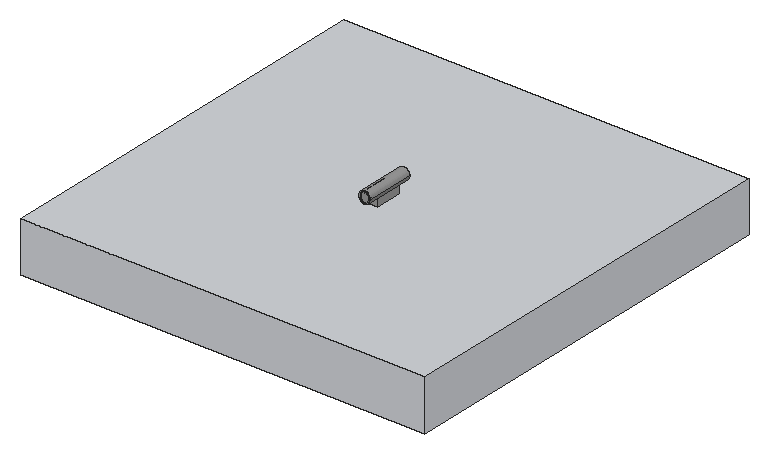
Revit family "LAMP_LUP WALL 70 DIRECT", category Luminarias, Revit 2018 (continued)
Types (2, lengths in mm): name | built-in parameter 1150107 | Product datasheet | Product code | built-in parameter 1150142 | built-in parameter 1150105 | built-in parameter 1150106 | Lumens | built-in parameter 1150104 | Efficacy | Archivo de red fotométrica
    0 15.63 \r\n12.99 10.93 9.39 8.41 7.45 6.49 5.53 4.70 4.03 3.46 2.95 \r\n2.49 2.13 1.82 1.53 1.26 0.94 0.58 0.32 0.17 0.00 0.00 \r\n0.00 0.00 0.00 0.00 0.00 0.00 0.00 0.00 0.00 0.00 0.00 \r\n0.00 0.00 0.00 0.00 0.00 0.00 0.00 0.00 0.00 0.00 0.00 \r\n0.00 0.00 0.00 0.00 0.00 0.00 0.00 0.00 0.00 0.00 0.00 \r\n0.00 0.00 0.00 0.00 0.00 0.00 0.00 0.00 0.00 0.00 0.00 \r\n455.10 414.94 378.75 342.63 307.46 274.89 245.84 218.98 \r\n194.78 173.49 154.02 136.20 120.00 106.12 93.46 81.88 \r\n69.36 57.87 47.58 39.34 32.85 27.97 23.07 18.84 15.28 \r\n12.77 10.76 9.28 8.30 7.34 6.38 5.43 4.63 3.98 3.42 2.92 \r\n2.46 2.11 1.82 1.56 1.28 0.95 0.59 0.32 0.17 0.00 0.00 \r\n0.00 0.00 0.00 0.00 0.00 0.00 0.00 0.00 0.00 0.00 0.00 \r\n0.00 0.00 0.00 0.00 0.00 0.00 0.00 0.00 0.00 0.00 0.00 \r\n0.00 0.00 0.00 0.00 0.00 0.00 0.00 0.00 0.00 0.00 0.00 \r\n0.00 0.00 0.00 0.00 0.00 0.00 0.00 0.00 0.00 0.00 0.00 \r\n455.10 411.86 372.96 334.86 297.56 263.30 232.58 204.60 \r\n179.43 157.30 137.51 119.93 104.39 92.20 81.48 71.92 \r\n61.81 52.47 44.18 37.26 31.58 27.05 22.40 18.37 15.00 \r\n12.54 10.60 9.14 8.19 7.24 6.27 5.34 4.56 3.92 3.38 2.88 \r\n2.44 2.10 1.82 1.57 1.30 0.96 0.60 0.32 0.16 0.00 0.00 \r\n0.00 0.00 0.00 0.00 0.00 0.00 0.00 0.00 0.00 0.00 0.00 \r\n0.00 0.00 0.00 0.00 0.00 0.00 0.00 0.00 0.00 0.00 0.00 \r\n0.00 0.00 0.00 0.00 0.00 0.00 0.00 0.00 0.00 0.00 0.00 \r\n0.00 0.00 0.00 0.00 0.00 0.00 0.00 0.00 0.00 0.00 0.00 \r\n455.10 408.83 367.33 327.16 287.82 251.83 219.38 190.15 \r\n164.08 141.12 121.05 103.41 88.66 78.20 69.45 61.78 54.09 \r\n47.09 40.77 35.15 30.30 26.14 21.73 17.90 14.71 12.32 \r\n10.43 9.00 8.08 7.13 6.15 5.24 4.49 3.88 3.34 2.84 2.41 \r\n2.09 1.83 1.59 1.31 0.97 0.60 0.32 0.16 0.00 0.00 0.00 \r\n0.00 0.00 0.00 0.00 0.00 0.00 0.00 0.00 0.00 0.00 0.00 \r\n0.00 0.00 0.00 0.00 0.00 0.00 0.00 0.00 0.00 0.00 0.00 \r\n0.00 0.00 0.00 0.00 0.00 0.00 0.00 0.00 0.00 0.00 0.00 \r\n0.00 0.00 0.00 0.00 0.00 0.00 0.00 0.00 0.00 0.00 \r\n455.10 405.84 362.02 319.55 278.26 240.51 206.54 176.46 \r\n149.42 125.26 104.52 86.85 72.52 64.39 57.56 51.83 46.54 \r\n41.69 37.32 33.06 29.03 25.22 21.06 17.43 14.41 12.09 \r\n10.26 8.90 7.97 7.03 6.04 5.15 4.41 3.82 3.29 2.81 2.38 \r\n2.08 1.83 1.61 1.33 0.99 0.60 0.32 0.17 0.00 0.00 0.00 \r\n0.00 0.00 0.00 0.00 0.00 0.00 0.00 0.00 0.00 0.00 0.00 \r\n0.00 0.00 0.00 0.00 0.00 0.00 0.00 0.00 0.00 0.00 0.00 \r\n0.00 0.00 0.00 0.00 0.00 0.00 0.00 0.00 0.00 0.00 0.00 \r\n0.00 0.00 0.00 0.00 0.00 0.00 0.00 0.00 0.00 0.00 \r\n455.10 402.91 356.79 312.43 268.95 229.36 194.20 163.44 \r\n135.89 111.90 91.67 74.60 60.81 53.34 47.70 43.15 39.85 \r\n37.10 34.34 31.05 27.86 24.33 20.44 16.99 14.12 11.88 \r\n10.10 8.77 7.85 6.92 5.93 5.06 4.34 3.77 3.25 2.77 2.36 \r\n2.07 1.84 1.63 1.35 0.99 0.60 0.32 0.17 0.00 0.00 0.00 \r\n0.00 0.00 0.00 0.00 0.00 0.00 0.00 0.00 0.00 0.00 0.00 \r\n0.00 0.00 0.00 0.00 0.00 0.00 0.00 0.00 0.00 0.00 0.00 \r\n0.00 0.00 0.00 0.00 0.00 0.00 0.00 0.00 0.00 0.00 0.00 \r\n0.00 0.00 0.00 0.00 0.00 0.00 0.00 0.00 0.00 0.00 \r\n455.10 399.99 351.66 305.58 260.38 219.38 183.23 151.71 \r\n124.01 101.00 82.60 67.24 55.54 49.55 45.02 41.24 38.31 \r\n35.64 33.17 30.29 27.19 23.86 20.08 16.76 13.97 11.75 \r\n9.96 8.61 7.71 6.80 5.85 5.00 4.29 3.73 3.20 2.74 2.35 \r\n2.08 1.86 1.65 1.36 1.00 0.60 0.32 0.17 0.00 0.00 0.00 \r\n0.00 0.00 0.00 0.00 0.00 0.00 0.00 0.00 0.00 0.00 0.00 \r\n0.00 0.00 0.00 0.00 0.00 0.00 0.00 0.00 0.00 0.00 0.00 \r\n0.00 0.00 0.00 0.00 0.00 0.00 0.00 0.00 0.00 0.00 0.00 \r\n0.00 0.00 0.00 0.00 0.00 0.00 0.00 0.00 0.00 0.00 \r\n455.10 397.12 346.62 298.80 252.00 210.03 173.46 141.66 \r\n114.88 93.45 77.09 63.97 53.46 48.57 44.38 40.74 37.74 \r\n35.01 32.46 29.63 26.61 23.41 19.77 16.55 13.84 11.64 \r\n9.84 8.46 7.56 6.67 5.76 4.94 4.25 3.67 3.16 2.72 2.34 \r\n2.10 1.87 1.66 1.37 1.01 0.60 0.32 0.16 0.00 0.00 0.00 \r\n0.00 0.00 0.00 0.00 0.00 0.00 0.00 0.00 0.00 0.00 0.00 \r\n0.00 0.00 0.00 0.00 0.00 0.00 0.00 0.00 0.00 0.00 0.00 \r\n0.00 0.00 0.00 0.00 0.00 0.00 0.00 0.00 0.00 0.00 0.00 \r\n0.00 0.00 0.00 0.00 0.00 0.00 0.00 0.00 0.00 0.00 \r\n455.10 394.33 341.69 292.09 243.80 200.70 163.52 131.56 \r\n105.59 85.34 71.71 60.75 52.22 47.63 43.76 40.18 37.16 \r\n34.38 31.76 28.97 26.04 22.98 19.45 16.34 13.70 11.52 \r\n9.71 8.31 7.41 6.55 5.68 4.88 4.20 3.62 3.12 2.69 2.35 \r\n2.12 1.90 1.68 1.39 1.02 0.59 0.32 0.16 0.00 0.00 0.00 \r\n0.00 0.00 0.00 0.00 0.00 0.00 0.00 0.00 0.00 0.00 0.00 \r\n0.00 0.00 0.00 0.00 0.00 0.00 0.00 0.00 0.00 0.00 0.00 \r\n0.00 0.00 0.00 0.00 0.00 0.00 0.00 0.00 0.00 0.00 0.00 \r\n0.00 0.00 0.00 0.00 0.00 0.00 0.00 0.00 0.00 0.00 \r\n455.10 391.61 336.87 285.47 235.81 191.41 153.53 121.69 \r\n96.36 77.82 66.38 57.26 50.48 46.69 43.13 39.64 36.59 \r\n33.74 31.05 28.31 25.48 22.53 19.14 16.14 13.57 11.40 \r\n9.58 8.15 7.26 6.42 5.59 4.82 4.15 3.58 3.07 2.66 2.35 \r\n2.13 1.92 1.71 1.40 1.03 0.60 0.32 0.16 0.00 0.00 0.00 \r\n0.00 0.00 0.00 0.00 0.00 0.00 0.00 0.00 0.00 0.00 0.00 \r\n0.00 0.00 0.00 0.00 0.00 0.00 0.00 0.00 0.00 0.00 0.00 \r\n0.00 0.00 0.00 0.00 0.00 0.00 0.00 0.00 0.00 0.00 0.00 \r\n0.00 0.00 0.00 0.00 0.00 0.00 0.00 0.00 0.00 0.00 \r\n455.10 388.98 332.16 278.93 227.69 182.34 144.03 111.97 \r\n86.92 69.41 60.76 54.27 48.90 45.72 42.52 39.09 36.02 \r\n33.11 30.35 27.65 24.91 22.08 18.83 15.93 13.43 11.28 \r\n9.46 7.98 7.11 6.30 5.50 4.77 4.11 3.53 3.03 2.64 2.36 \r\n2.15 1.94 1.72 1.41 1.04 0.61 0.32 0.16 0.00 0.00 0.00 \r\n0.00 0.00 0.00 0.00 0.00 0.00 0.00 0.00 0.00 0.00 0.00 \r\n0.00 0.00 0.00 0.00 0.00 0.00 0.00 0.00 0.00 0.00 0.00 \r\n0.00 0.00 0.00 0.00 0.00 0.00 0.00 0.00 0.00 0.00 0.00 \r\n0.00 0.00 0.00 0.00 0.00 0.00 0.00 0.00 0.00 0.00 \r\n455.10 386.43 327.57 272.53 219.76 173.43 134.21 101.77 \r\n77.65 62.19 55.72 50.62 47.35 44.76 41.89 38.54 35.44 \r\n32.48 29.64 26.99 24.33 21.63 18.51 15.72 13.31 11.16 \r\n9.33 7.85 6.96 6.17 5.42 4.71 4.05 3.48 2.99 2.62 2.36 \r\n2.17 1.96 1.74 1.42 1.04 0.61 0.32 0.16 0.00 0.00 0.00 \r\n0.00 0.00 0.00 0.00 0.00 0.00 0.00 0.00 0.00 0.00 0.00 \r\n0.00 0.00 0.00 0.00 0.00 0.00 0.00 0.00 0.00 0.00 0.00 \r\n0.00 0.00 0.00 0.00 0.00 0.00 0.00 0.00 0.00 0.00 0.00 \r\n0.00 0.00 0.00 0.00 0.00 0.00 0.00 0.00 0.00 0.00 \r\n455.10 383.97 323.10 266.75 212.41 164.88 124.07 92.58 \r\n69.38 54.00 50.19 47.68 45.55 43.86 41.26 38.00 34.87 \r\n31.84 28.94 26.33 23.77 21.18 18.19 15.51 13.17 11.04 \r\n9.20 7.67 6.82 6.05 5.33 4.65 4.01 3.44 2.94 2.59 2.36 \r\n2.18 1.99 1.75 1.44 1.05 0.60 0.32 0.16 0.00 0.00 0.00 \r\n0.00 0.00 0.00 0.00 0.00 0.00 0.00 0.00 0.00 0.00 0.00 \r\n0.00 0.00 0.00 0.00 0.00 0.00 0.00 0.00 0.00 0.00 0.00 \r\n0.00 0.00 0.00 0.00 0.00 0.00 0.00 0.00 0.00 0.00 0.00 \r\n0.00 0.00 0.00 0.00 0.00 0.00 0.00 0.00 0.00 0.00 \r\n455.10 381.61 318.86 261.29 205.62 157.08 116.41 85.79 \r\n63.23 49.58 47.43 45.74 44.78 43.27 40.84 37.56 34.38 \r\n31.30 28.35 25.78 23.28 20.80 17.90 15.30 13.01 10.91 \r\n9.09 7.57 6.73 5.98 5.28 4.60 3.96 3.40 2.92 2.59 2.37 \r\n2.20 2.01 1.77 1.45 1.05 0.61 0.32 0.16 0.00 0.00 0.00 \r\n0.00 0.00 0.00 0.00 0.00 0.00 0.00 0.00 0.00 0.00 0.00 \r\n0.00 0.00 0.00 0.00 0.00 0.00 0.00 0.00 0.00 0.00 0.00 \r\n0.00 0.00 0.00 0.00 0.00 0.00 0.00 0.00 0.00 0.00 0.00 \r\n0.00 0.00 0.00 0.00 0.00 0.00 0.00 0.00 0.00 0.00 \r\n455.10 379.34 315.12 256.17 199.41 150.28 110.96 80.64 \r\n60.06 49.11 46.61 45.54 44.67 43.10 40.60 37.22 33.96 \r\n30.83 27.86 25.34 22.90 20.48 17.65 15.07 12.82 10.76 \r\n8.98 7.54 6.70 5.95 5.24 4.55 3.92 3.37 2.93 2.61 2.39 \r\n2.22 2.02 1.78 1.45 1.05 0.61 0.33 0.16 0.00 0.00 0.00 \r\n0.00 0.00 0.00 0.00 0.00 0.00 0.00 0.00 0.00 0.00 0.00 \r\n0.00 0.00 0.00 0.00 0.00 0.00 0.00 0.00 0.00 0.00 0.00 \r\n0.00 0.00 0.00 0.00 0.00 0.00 0.00 0.00 0.00 0.00 0.00 \r\n0.00 0.00 0.00 0.00 0.00 0.00 0.00 0.00 0.00 0.00 \r\n455.10 377.17 311.53 251.22 193.79 144.65 105.08 76.06 \r\n57.52 47.59 46.19 45.29 44.55 42.94 40.36 36.89 33.56 \r\n30.37 27.38 24.89 22.51 20.16 17.38 14.85 12.62 10.61 \r\n8.89 7.48 6.67 5.93 5.22 4.50 3.88 3.36 2.94 2.63 2.41 \r\n2.24 2.03 1.79 1.46 1.05 0.61 0.33 0.16 0.00 0.00 0.00 \r\n0.00 0.00 0.00 0.00 0.00 0.00 0.00 0.00 0.00 0.00 0.00 \r\n0.00 0.00 0.00 0.00 0.00 0.00 0.00 0.00 0.00 0.00 0.00 \r\n0.00 0.00 0.00 0.00 0.00 0.00 0.00 0.00 0.00 0.00 0.00 \r\n0.00 0.00 0.00 0.00 0.00 0.00 0.00 0.00 0.00 0.00 \r\n455.10 375.10 308.11 246.37 187.98 138.91 98.76 72.30 \r\n54.90 47.14 45.70 45.10 44.49 42.78 40.11 36.56 33.14 \r\n29.91 26.87 24.45 22.12 19.85 17.12 14.63 12.44 10.46 \r\n8.78 7.44 6.64 5.91 5.19 4.45 3.83 3.33 2.95 2.66 2.44 \r\n2.25 2.04 1.80 1.46 1.05 0.60 0.33 0.16 0.00 0.00 0.00 \r\n0.00 0.00 0.00 0.00 0.00 0.00 0.00 0.00 0.00 0.00 0.00 \r\n0.00 0.00 0.00 0.00 0.00 0.00 0.00 0.00 0.00 0.00 0.00 \r\n0.00 0.00 0.00 0.00 0.00 0.00 0.00 0.00 0.00 0.00 0.00 \r\n0.00 0.00 0.00 0.00 0.00 0.00 0.00 0.00 0.00 0.00 \r\n455.10 373.13 304.84 241.63 182.40 132.71 93.05 68.06 \r\n52.46 46.35 45.25 44.86 44.33 42.63 39.87 36.22 32.73 \r\n29.45 26.40 24.00 21.74 19.54 16.85 14.41 12.25 10.32 \r\n8.68 7.39 6.61 5.88 5.16 4.41 3.79 3.30 2.96 2.68 2.46 \r\n2.27 2.06 1.80 1.46 1.05 0.60 0.33 0.16 0.00 0.00 0.00 \r\n0.00 0.00 0.00 0.00 0.00 0.00 0.00 0.00 0.00 0.00 0.00 \r\n0.00 0.00 0.00 0.00 0.00 0.00 0.00 0.00 0.00 0.00 0.00 \r\n0.00 0.00 0.00 0.00 0.00 0.00 0.00 0.00 0.00 0.00 0.00 \r\n0.00 0.00 0.00 0.00 0.00 0.00 0.00 0.00 0.00 0.00 \r\n455.10 371.26 301.74 237.00 177.12 126.68 88.06 63.51 \r\n49.90 45.04 44.77 44.65 44.33 42.47 39.64 35.90 32.32 \r\n28.99 25.94 23.56 21.35 19.20 16.58 14.19 12.06 10.16 \r\n8.58 7.33 6.58 5.86 5.13 4.36 3.74 3.29 2.97 2.70 2.48 \r\n2.29 2.07 1.82 1.47 1.05 0.60 0.33 0.17 0.00 0.00 0.00 \r\n0.00 0.00 0.00 0.00 0.00 0.00 0.00 0.00 0.00 0.00 0.00 \r\n0.00 0.00 0.00 0.00 0.00 0.00 0.00 0.00 0.00 0.00 0.00 \r\n0.00 0.00 0.00 0.00 0.00 0.00 0.00 0.00 0.00 0.00 0.00 \r\n0.00 0.00 0.00 0.00 0.00 0.00 0.00 0.00 0.00 0.00 \r\n455.10 369.51 298.81 232.49 172.12 120.85 82.72 59.52 \r\n47.55 44.34 44.30 44.43 44.10 42.31 39.39 35.55 31.90 \r\n28.52 25.45 23.12 20.95 18.89 16.32 13.96 11.87 10.01 \r\n8.48 7.29 6.56 5.84 5.10 4.32 3.70 3.27 2.98 2.73 2.50 \r\n2.30 2.09 1.84 1.47 1.05 0.61 0.33 0.17 0.00 0.00 0.00 \r\n0.00 0.00 0.00 0.00 0.00 0.00 0.00 0.00 0.00 0.00 0.00 \r\n0.00 0.00 0.00 0.00 0.00 0.00 0.00 0.00 0.00 0.00 0.00 \r\n0.00 0.00 0.00 0.00 0.00 0.00 0.00 0.00 0.00 0.00 0.00 \r\n0.00 0.00 0.00 0.00 0.00 0.00 0.00 0.00 0.00 0.00 \r\n455.10 367.90 296.05 228.42 167.44 116.17 77.81 56.70 \r\n45.78 43.72 43.99 44.26 44.03 42.15 39.16 35.24 31.52 \r\n28.09 24.97 22.69 20.59 18.57 16.07 13.75 11.68 9.87 8.38 \r\n7.25 6.52 5.82 5.07 4.26 3.66 3.25 2.99 2.75 2.53 2.32 \r\n2.09 1.84 1.48 1.06 0.62 0.33 0.17 0.00 0.00 0.00 0.00 \r\n0.00 0.00 0.00 0.00 0.00 0.00 0.00 0.00 0.00 0.00 0.00 \r\n0.00 0.00 0.00 0.00 0.00 0.00 0.00 0.00 0.00 0.00 0.00 \r\n0.00 0.00 0.00 0.00 0.00 0.00 0.00 0.00 0.00 0.00 0.00 \r\n0.00 0.00 0.00 0.00 0.00 0.00 0.00 0.00 0.00 \r\n455.10 366.45 293.46 224.91 163.27 112.42 73.62 54.69 \r\n44.84 43.23 43.83 44.19 44.02 42.02 38.96 34.98 31.22 \r\n27.77 24.69 22.42 20.35 18.37 15.87 13.60 11.58 9.81 8.35 \r\n7.23 6.51 5.79 5.03 4.24 3.65 3.26 3.00 2.77 2.54 2.33 \r\n2.10 1.85 1.48 1.06 0.62 0.33 0.17 0.00 0.00 0.00 0.00 \r\n0.00 0.00 0.00 0.00 0.00 0.00 0.00 0.00 0.00 0.00 0.00 \r\n0.00 0.00 0.00 0.00 0.00 0.00 0.00 0.00 0.00 0.00 0.00 \r\n0.00 0.00 0.00 0.00 0.00 0.00 0.00 0.00 0.00 0.00 0.00 \r\n0.00 0.00 0.00 0.00 0.00 0.00 0.00 0.00 0.00 \r\n455.10 365.10 291.05 221.78 159.48 109.04 70.36 53.34 \r\n44.43 43.11 43.81 44.17 43.84 41.88 38.78 34.78 30.96 \r\n27.48 24.39 22.17 20.12 18.17 15.69 13.45 11.50 9.76 8.33 \r\n7.19 6.50 5.76 4.98 4.22 3.65 3.28 3.01 2.78 2.55 2.34 \r\n2.11 1.86 1.48 1.06 0.61 0.32 0.17 0.00 0.00 0.00 0.00 \r\n0.00 0.00 0.00 0.00 0.00 0.00 0.00 0.00 0.00 0.00 0.00 \r\n0.00 0.00 0.00 0.00 0.00 0.00 0.00 0.00 0.00 0.00 0.00 \r\n0.00 0.00 0.00 0.00 0.00 0.00 0.00 0.00 0.00 0.00 0.00 \r\n0.00 0.00 0.00 0.00 0.00 0.00 0.00 0.00 0.00 \r\n455.10 363.83 288.77 218.80 156.07 106.01 68.74 51.98 \r\n44.19 43.15 43.80 44.16 43.84 41.74 38.59 34.54 30.67 \r\n27.19 24.13 21.91 19.89 17.95 15.51 13.31 11.40 9.71 8.31 \r\n7.19 6.48 5.74 4.94 4.19 3.64 3.28 3.03 2.79 2.57 2.35 \r\n2.13 1.88 1.49 1.05 0.60 0.32 0.16 0.00 0.00 0.00 0.00 \r\n0.00 0.00 0.00 0.00 0.00 0.00 0.00 0.00 0.00 0.00 0.00 \r\n0.00 0.00 0.00 0.00 0.00 0.00 0.00 0.00 0.00 0.00 0.00 \r\n0.00 0.00 0.00 0.00 0.00 0.00 0.00 0.00 0.00 0.00 0.00 \r\n0.00 0.00 0.00 0.00 0.00 0.00 0.00 0.00 0.00 \r\n455.10 362.67 286.64 215.98 153.05 102.71 67.06 51.02 \r\n43.98 43.09 43.78 44.14 43.82 41.61 38.39 34.33 30.41 \r\n26.89 23.83 21.66 19.66 17.74 15.33 13.17 11.31 9.66 8.28 \r\n7.19 6.46 5.71 4.90 4.17 3.64 3.30 3.05 2.81 2.59 2.37 \r\n2.14 1.89 1.49 1.05 0.60 0.32 0.16 0.00 0.00 0.00 0.00 \r\n0.00 0.00 0.00 0.00 0.00 0.00 0.00 0.00 0.00 0.00 0.00 \r\n0.00 0.00 0.00 0.00 0.00 0.00 0.00 0.00 0.00 0.00 0.00 \r\n0.00 0.00 0.00 0.00 0.00 0.00 0.00 0.00 0.00 0.00 0.00 \r\n0.00 0.00 0.00 0.00 0.00 0.00 0.00 0.00 0.00 \r\n455.10 361.60 284.69 213.34 150.12 99.42 65.16 50.01 \r\n43.73 42.97 43.77 44.12 43.63 41.48 38.22 34.11 30.13 \r\n26.60 23.58 21.41 19.44 17.54 15.15 13.03 11.22 9.62 8.26 \r\n7.16 6.45 5.68 4.86 4.14 3.63 3.31 3.06 2.83 2.60 2.38 \r\n2.15 1.89 1.50 1.05 0.59 0.32 0.16 0.00 0.00 0.00 0.00 \r\n0.00 0.00 0.00 0.00 0.00 0.00 0.00 0.00 0.00 0.00 0.00 \r\n0.00 0.00 0.00 0.00 0.00 0.00 0.00 0.00 0.00 0.00 0.00 \r\n0.00 0.00 0.00 0.00 0.00 0.00 0.00 0.00 0.00 0.00 0.00 \r\n0.00 0.00 0.00 0.00 0.00 0.00 0.00 0.00 0.00 \r\n455.10 360.64 282.91 210.87 147.14 96.41 62.80 48.96 \r\n43.51 42.81 43.76 44.11 43.58 41.34 38.03 33.86 29.86 \r\n26.32 23.23 21.16 19.21 17.33 14.96 12.89 11.13 9.57 8.23 \r\n7.16 6.43 5.65 4.81 4.12 3.63 3.32 3.08 2.84 2.62 2.39 \r\n2.16 1.89 1.50 1.05 0.58 0.32 0.16 0.00 0.00 0.00 0.00 \r\n0.00 0.00 0.00 0.00 0.00 0.00 0.00 0.00 0.00 0.00 0.00 \r\n0.00 0.00 0.00 0.00 0.00 0.00 0.00 0.00 0.00 0.00 0.00 \r\n0.00 0.00 0.00 0.00 0.00 0.00 0.00 0.00 0.00 0.00 0.00 \r\n0.00 0.00 0.00 0.00 0.00 0.00 0.00 0.00 0.00 \r\n455.10 359.76 281.32 208.65 144.54 93.85 60.24 48.15 \r\n43.29 42.76 43.74 44.10 43.61 41.20 37.84 33.65 29.59 \r\n26.02 23.02 20.90 18.98 17.13 14.79 12.75 11.05 9.52 8.22 \r\n7.15 6.41 5.63 4.78 4.10 3.62 3.34 3.09 2.86 2.63 2.40 \r\n2.17 1.90 1.50 1.05 0.58 0.32 0.16 0.00 0.00 0.00 0.00 \r\n0.00 0.00 0.00 0.00 0.00 0.00 0.00 0.00 0.00 0.00 0.00 \r\n0.00 0.00 0.00 0.00 0.00 0.00 0.00 0.00 0.00 0.00 0.00 \r\n0.00 0.00 0.00 0.00 0.00 0.00 0.00 0.00 0.00 0.00 0.00 \r\n0.00 0.00 0.00 0.00 0.00 0.00 0.00 0.00 0.00 \r\n455.10 358.96 279.90 206.77 142.29 92.18 57.75 47.54 \r\n43.12 42.78 43.72 44.06 43.57 41.09 37.70 33.49 29.40 \r\n25.81 22.81 20.73 18.82 16.98 14.65 12.64 10.98 9.49 8.20 \r\n7.12 6.40 5.60 4.74 4.09 3.62 3.34 3.10 2.86 2.64 2.41 \r\n2.18 1.91 1.50 1.05 0.58 0.32 0.16 0.00 0.00 0.00 0.00 \r\n0.00 0.00 0.00 0.00 0.00 0.00 0.00 0.00 0.00 0.00 0.00 \r\n0.00 0.00 0.00 0.00 0.00 0.00 0.00 0.00 0.00 0.00 0.00 \r\n0.00 0.00 0.00 0.00 0.00 0.00 0.00 0.00 0.00 0.00 0.00 \r\n0.00 0.00 0.00 0.00 0.00 0.00 0.00 0.00 0.00 \r\n455.10 358.27 278.68 205.17 140.42 90.87 56.11 47.11 \r\n43.04 42.79 43.70 44.02 43.39 40.99 37.60 33.37 29.27 \r\n25.70 22.64 20.62 18.72 16.87 14.57 12.57 10.95 9.47 8.19 \r\n7.13 6.38 5.58 4.70 4.07 3.62 3.35 3.10 2.87 2.64 2.41 \r\n2.17 1.90 1.50 1.05 0.58 0.31 0.16 0.00 0.00 0.00 0.00 \r\n0.00 0.00 0.00 0.00 0.00 0.00 0.00 0.00 0.00 0.00 0.00 \r\n0.00 0.00 0.00 0.00 0.00 0.00 0.00 0.00 0.00 0.00 0.00 \r\n0.00 0.00 0.00 0.00 0.00 0.00 0.00 0.00 0.00 0.00 0.00 \r\n0.00 0.00 0.00 0.00 0.00 0.00 0.00 0.00 0.00 \r\n455.10 357.67 277.64 203.84 138.93 89.85 54.76 46.79 \r\n42.98 42.78 43.68 43.98 43.27 40.91 37.49 33.26 29.16 \r\n25.58 22.60 20.52 18.62 16.78 14.48 12.51 10.91 9.45 8.18 \r\n7.12 6.36 5.56 4.68 4.06 3.62 3.35 3.10 2.87 2.64 2.41 \r\n2.17 1.90 1.49 1.04 0.58 0.31 0.16 0.00 0.00 0.00 0.00 \r\n0.00 0.00 0.00 0.00 0.00 0.00 0.00 0.00 0.00 0.00 0.00 \r\n0.00 0.00 0.00 0.00 0.00 0.00 0.00 0.00 0.00 0.00 0.00 \r\n0.00 0.00 0.00 0.00 0.00 0.00 0.00 0.00 0.00 0.00 0.00 \r\n0.00 0.00 0.00 0.00 0.00 0.00 0.00 0.00 0.00 \r\n455.10 357.19 276.79 202.78 137.76 88.73 53.94 46.55 \r\n42.90 42.75 43.66 43.94 43.19 40.82 37.39 33.15 29.05 \r\n25.46 22.51 20.42 18.51 16.69 14.40 12.45 10.87 9.44 8.17 \r\n7.10 6.35 5.54 4.66 4.05 3.62 3.35 3.11 2.87 2.64 2.41 \r\n2.17 1.89 1.49 1.03 0.57 0.30 0.16 0.00 0.00 0.00 0.00 \r\n0.00 0.00 0.00 0.00 0.00 0.00 0.00 0.00 0.00 0.00 0.00 \r\n0.00 0.00 0.00 0.00 0.00 0.00 0.00 0.00 0.00 0.00 0.00 \r\n0.00 0.00 0.00 0.00 0.00 0.00 0.00 0.00 0.00 0.00 0.00 \r\n0.
